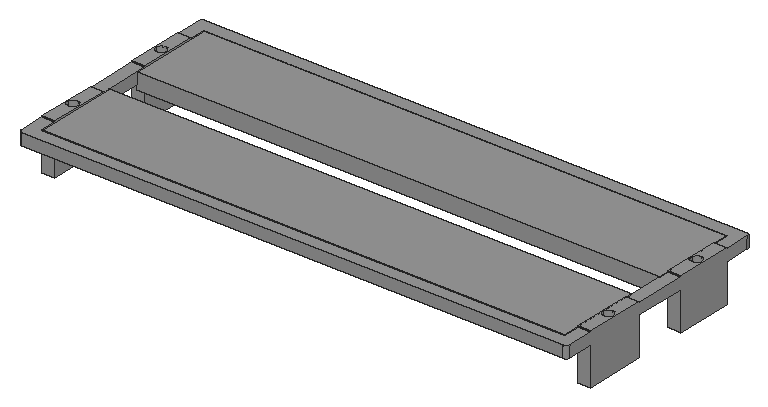
Revit family "Building-ContenitoriParete-GEWISS-46-PANNELLI_PER_MSS", category Attrezzatura elettrica, Revit 2016
Family settings
  Configurazione quadro = Due colonne, circuiti in orizzontale
  Tipo di parte = Pannello comandi
  Quota connettore circolare = Usa diametro
  Numero OmniClass = 23.80.30.11.17
  Titolo OmniClass = Distribution Boards and Control Panels
  Basato su piano di lavoro = Sì
  Sempre verticale = No
  Taglio con vuoti quando caricato = No
  Condiviso = No
  Punto di calcolo locali = Sì
Parameters (values of type "GW46579F - KIT PER MSS 250 TAGLIA QP7 F&E")
  Versione file RFA = "18.0"
  URL = "https://www.gewiss.com/it/it"
  Tipo sezionatore MSS = "MSS 250"
  Scheda Tecnica = "https://www.gewiss.com/it/it/search?q=GW46579F"
  SEO = "Kit scatolati"
  Default Elevation = 1219.2 mm
  Produttore = "GEWISS S.p.A."
  Per quadri base (mm) = "800"
  Pannello = GEWISS - GRIGIO RAL 7035
  Offset pannello [instance] = 100 mm
  Modello = "GW46579F"
  Mains Type = ""
  Lunghezza pannello = 718 mm
  Spessore pannello = 15 mm  # constant formula
  Immagine tipo = GW46579F.jpg
  IFC.TypeObject = ""
  IFC.ExportType = ""
  IFC.ExportAs = ""
  IDT = "c0baf993-042a-42f3-b3ec-fa4fad58d9fa"
  IDF = "b29f1c90-5390-40c4-8fe4-c23fd5b92ca5"
  H_pannello = 300 mm  # constant formula
  H_da terra [instance] = 140.83 mm
  GEWISS SCHEDA TECNICA = "http://pro.gewiss.com/irj/portal/?NavigationTarget=pcd:portal_content/com.gewiss.ZPPFDMain/com.gewiss.ZPPFDITMain/com.gewiss.ZPPFDITMainDefault/com.gewiss.ZPPFDITPages/com.gewiss.ZPPFDITPagesAP/com.gewiss.ZPPFDITPagesAPCatalogo/com.gewiss.ZPPPDITAPProductDetail&codProd=GW46579F"
  Fissaggio apparecchiature = "su piastra"
  Dotazioni = "Accessori di fissaggio"
  Descrizione = "KIT PER MSS 250 TAGLIA QP7 F&E"
  Creato da GEWISS S.p.A. = ""
  Colore = "Grigio RAL 7035"
  Codice Electrocod = "0303"
  Codice EAN = "8011564284449"
  Catalogo Serie = "46 QP"
  Catalogo = "BUILDING"
  COBie.Tagnumber = ""
  COBie.CreatedOn = ""
  COBie.CreatebBy = ""
  COBie.ComponentRegisterItemID = ""
  COBie.Component.TagNumber = ""
  COBie.Component.Space = ""
  COBie.Component.SerialNumber = ""
  COBie.Component.InstallationDate = ""
  COBie.Component.Description = ""
  COBie.Component.BarCode = ""
  Altezza = "2 Moduli"
  Adatto per: = "46QP - 46QM - 46QX"
Types (3, lengths in mm): name | Scheda Tecnica | Per quadri base (mm) | Offset pannello | Modello | Lunghezza pannello | Immagine tipo | IDT | GEWISS SCHEDA TECNICA | Descrizione | Codice EAN
  GW46577F - KIT PER MSS 250 TAGLIA QP5 F&E | "https://www.gewiss.com/it/it/search?q=GW46577F" | "515" | 379.83 | "GW46577F" | 466 | GW46577F.jpg | "fe802041-dfee-42bf-882c-c1cc0511c87c" | "http://pro.gewiss.com/irj/portal/?NavigationTarget=pcd:portal_content/com.gewiss.ZPPFDMain/com.gewiss.ZPPFDITMain/com.gewiss.ZPPFDITMainDefault/com.gewiss.ZPPFDITPages/com.gewiss.ZPPFDITPagesAP/com.gewiss.ZPPFDITPagesAPCatalogo/com.gewiss.ZPPPDITAPProductDetail&codProd=GW46577F" | "KIT PER MSS 250 TAGLIA QP5 F&E" | "8011564284425"
  GW46578F - KIT PER MSS 250 TAGLIA QP6 F&E | "https://www.gewiss.com/it/it/search?q=GW46578F" | "585" | 379.83 | "GW46578F" | 538 | GW46578F.jpg | "17fff974-71ac-4595-84ff-3c51ccbd2653" | "http://pro.gewiss.com/irj/portal/?NavigationTarget=pcd:portal_content/com.gewiss.ZPPFDMain/com.gewiss.ZPPFDITMain/com.gewiss.ZPPFDITMainDefault/com.gewiss.ZPPFDITPages/com.gewiss.ZPPFDITPagesAP/com.gewiss.ZPPFDITPagesAPCatalogo/com.gewiss.ZPPPDITAPProductDetail&codProd=GW46578F" | "KIT PER MSS 250 TAGLIA QP6 F&E" | "8011564284432"
  GW46579F - KIT PER MSS 250 TAGLIA QP7 F&E | "https://www.gewiss.com/it/it/search?q=GW46579F" | "800" | 100 | "GW46579F" | 718 | GW46579F.jpg | "c0baf993-042a-42f3-b3ec-fa4fad58d9fa" | "http://pro.gewiss.com/irj/portal/?NavigationTarget=pcd:portal_content/com.gewiss.ZPPFDMain/com.gewiss.ZPPFDITMain/com.gewiss.ZPPFDITMainDefault/com.gewiss.ZPPFDITPages/com.gewiss.ZPPFDITPagesAP/com.gewiss.ZPPFDITPagesAPCatalogo/com.gewiss.ZPPPDITAPProductDetail&codProd=GW46579F" | "KIT PER MSS 250 TAGLIA QP7 F&E" | "8011564284449"
Reference planes
  plane 1 "Centro (Fronte/Retro)": z = 371.33
  plane 2: z = 0
  plane 3 "Centro (Sinistra/Destra)": x = 0
  plane 4: x = -359
  plane 5: x = 359
  plane 6: z = 84
  plane 7: z = 99
  plane 8: y = 184.5
  plane 9: y = -115.5
  plane 10: x = -341.956
  plane 11: y = -98.315
  plane 12: y = 167.315
  plane 13: x = 341.956
  plane 14: y = 57.5
  plane 15: y = 11.5
  plane 16: y = -76.5
  plane 17: y = 2.5
  plane 18: y = 145.5
  plane 19: y = 70.5
  plane 20: z = 100
  plane 21: z = 34
  plane 22: y = -37
  plane 23: y = 108
  plane 24: x = -350.478
  plane 25: x = 350.478
Forms (mm)
  Extrusion 1, solid, material "GEWISS - GRIGIO RAL 7035" <- "Pannello"
    sketch origin (0, 0, 371.33) x (1, 0, 0) y (0, 1, 0)
      loop
        arc (-354, 184.5) -> (-357.536, 183.036) -> (-359, 179.5) r 5
        line (-359, 179.5) -> (-359, -110.5)
        arc (-359, -110.5) -> (-357.536, -114.036) -> (-354, -115.5) r 5
        line (-354, -115.5) -> (354, -115.5)
        arc (354, -115.5) -> (357.536, -114.036) -> (359, -110.5) r 5
        line (359, -110.5) -> (359, 179.5)
        arc (359, 179.5) -> (357.536, 183.036) -> (354, 184.5) r 5
        line (354, 184.5) -> (-354, 184.5)
      loop
        line (-341.956, 167.315) -> (-341.956, -98.315) -> (341.956, -98.315) -> (341.956, 167.315) -> (-341.956, 167.315)
    from -287.33 to -272.33
  Extrusion 2, solid, material "GEWISS - GRIGIO RAL 7035" <- "Pannello"
    sketch origin (0, 0, 371.33) x (1, 0, 0) y (0, 1, 0)
      loop
        line (-341.956, 167.315) -> (-341.956, 57.5) -> (341.956, 57.5) -> (341.956, 167.315) -> (-341.956, 167.315)
      loop
        line (-341.956, 11.5) -> (-341.956, -98.315) -> (341.956, -98.315) -> (341.956, 11.5) -> (-341.956, 11.5)
    from -272.33 to -293.398
  Extrusion 3, solid, material "GEWISS - GRIGIO RAL 7035" <- "Pannello"
    sketch origin (0, 0, 371.33) x (1, 0, 0) y (0, 1, 0)
      loop
        line (-359, 145.5) -> (-359, 70.5) -> (-341.956, 70.5) -> (-341.956, 145.5) -> (-359, 145.5)
      loop
        line (-359, 2.5) -> (-359, -76.5) -> (-341.956, -76.5) -> (-341.956, 2.5) -> (-359, 2.5)
      loop
        line (341.956, 145.5) -> (341.956, 70.5) -> (359, 70.5) -> (359, 145.5) -> (341.956, 145.5)
      loop
        line (341.956, 2.5) -> (341.956, -76.5) -> (359, -76.5) -> (359, 2.5) -> (341.956, 2.5)
    from -337.33 to -271.33
  Extrusion 4, void
    sketch origin (0, 0, 371.33) x (1, 0, 0) y (0, 1, 0)
      loop
        circle (-350.478, -37) r 6.99
      loop
        circle (350.478, -37) r 6.99
      loop
        circle (-350.478, 108) r 6.99
      loop
        circle (350.478, 108) r 6.99
    from -337.33 to -271.33
Cuts and joins
  Extrusion 4 cuts Extrusion 1
  Extrusion 4 cuts Extrusion 3
  joined: Extrusion 1, Extrusion 3
Dimensions and locks
  equal spacing: plane 4, plane 3 "Centro (Sinistra/Destra)", plane 5
  "Lunghezza pannello": plane 4 to plane 5
  locked: plane 10 to plane 4 at 17.044
  locked: plane 5 to plane 13 at 17.044
  equal spacing: plane 10, plane 24, plane 4
  equal spacing: plane 5, plane 25, plane 13
  locked: plane 21 to plane 20 at 66
  "Offset pannello": plane 2 to plane 20
  locked: plane 6 to plane 7 at 15
  locked: plane 21 to plane 6 at 50
  locked: Extrusion 2 to cut or joined group of Extrusion 1, Extrusion 3, Extrusion 4 at 6.068
  aligned and locked: level to plane 2
  aligned and locked: plane 4 to Extrusion 1 sketch curve
  aligned and locked: Extrusion 1 sketch curve to plane 5
  aligned and locked: Extrusion 1 sketch curve to plane 8
  aligned and locked: plane 9 to Extrusion 1 sketch curve
  aligned and locked: Extrusion 1 sketch curve to plane 11
  aligned and locked: Extrusion 1 sketch curve to plane 13
  aligned and locked: Extrusion 1 sketch curve to plane 12
  aligned and locked: plane 10 to Extrusion 1 sketch curve
  aligned and locked: Extrusion 1 to plane 6
  aligned and locked: plane 7 to Extrusion 1
  aligned and locked: Extrusion 2 sketch curve to plane 12
  aligned and locked: plane 10 to Extrusion 2 sketch curve  (x2)
  aligned and locked: Extrusion 2 sketch curve to plane 13  (x2)
  aligned and locked: Extrusion 2 sketch curve to plane 11
  aligned and locked: Extrusion 2 to plane 15
  aligned and locked: plane 14 to Extrusion 2
  aligned and locked: plane 19 to Extrusion 3 sketch curve  (x2)
  aligned and locked: Extrusion 3 sketch curve to plane 18  (x2)
  aligned and locked: Extrusion 3 sketch curve to plane 17  (x2)
  aligned and locked: plane 16 to Extrusion 3 sketch curve  (x2)
  aligned and locked: plane 4 to Extrusion 3 sketch curve  (x2)
  aligned and locked: Extrusion 3 sketch curve to plane 5  (x2)
  aligned and locked: Extrusion 3 sketch curve to Extrusion 1  (x4)
  aligned and locked: plane 20 to Extrusion 3
  aligned and locked: Extrusion 3 to plane 21
  aligned and locked: cut or joined group of Extrusion 1, Extrusion 3, Extrusion 4 to plane 13
  aligned and locked: cut or joined group of Extrusion 1, Extrusion 3, Extrusion 4 to plane 10
  aligned and locked: plane 23 to Extrusion 4 sketch curve  (x2)
  aligned and locked: plane 24 to Extrusion 4 sketch curve  (x2)
  aligned and locked: plane 22 to Extrusion 4 sketch curve  (x2)
  aligned and locked: plane 25 to Extrusion 4 sketch curve  (x2)
  aligned and locked: Extrusion 3 to Extrusion 4
  aligned and locked: plane 20 to Extrusion 4
  aligned and locked: cut or joined group of Extrusion 1, Extrusion 3, Extrusion 4 to Extrusion 2
Automatic sketch dimensions
  plane 24 to Extrusion 1 sketch curve = 3.522 mm  (x2)
  plane 25 to Extrusion 1 sketch curve = 3.522 mm  (x2)
  Extrusion 2 sketch curve to plane 15 = 0 mm
  Extrusion 2 sketch curve to plane 14 = 0 mm
  radius of Extrusion 4 sketch curve = 6.99 mm  (x4)
